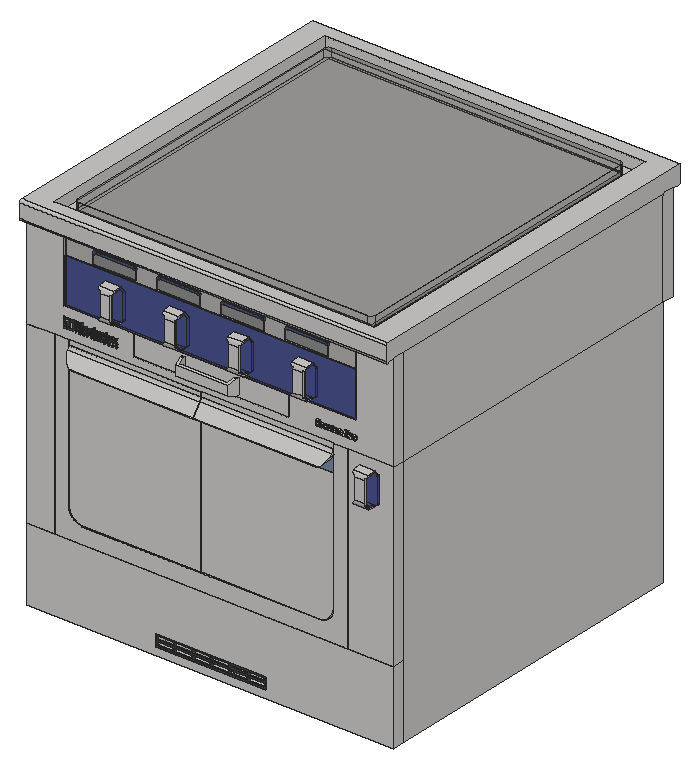
Revit family "QF_ELECTROLUXPROFESSIONAL_588471_MATHFAH4AO", category Attrezzature speciali, Revit 2020
Family settings
  Quota connettore circolare = Usa diametro
  Tipo di parte = Normale
  Basato su piano di lavoro = No
  Sempre verticale = Sì
  Taglio con vuoti quando caricato = No
  Condiviso = No
  Punto di calcolo locali = No
Parameters (values of type "Standard")
  Weight = 143.00 kg
  Watts = 14300 W
  Volts = 400 V
  URL Manufacturer = "https://www.electroluxprofessional.com/"
  URL = "https://www.electroluxprofessional.com/"
  Steam Supply Size = 0"
  Steam Supply Minimum Pressure = 0.00 psi
  Steam Supply Maximum Pressure = 0.00 psi
  Steam Consumption per Hour = 0
  Refrigeration Suction Line Size = 0 mm
  Refrigeration Liquid Line Size = 0 mm
  Refrigerant Compressor Remote = yes
  Prospetto di default = 0 mm
  Phase = 3
  Modello = "MATHFAH4AO"
  Produttore = "Electrolux Professional"
  Length Actual = 800 mm  # constant formula
  Item Number = "588471"
  Hot Water Size = 0"
  Height Actual = 800 mm  # constant formula
  HP = "19.2 HP"
  Gas Size = 0"
  Gas KW = 0
  Gas Input Pressure = 0.0 Btu/h
  Direct Waste Size = 0"
  Descrizione = "EL.FREE COOK.WARM.CAB.1S,800X800X800H"
  Depth Actual = 800 mm  # constant formula
  Cycle = 50 Hz
  Condensate Return Size = 0"
  Compressed Air Volume = 0 GPM
  Compressed Air Size = 0"
  Compressed Air Pressure = 0.00 psi
  Cold Water Size = 0"
  Accessory = yes
Reference planes
  plane 1 "BACK": y = 0
  plane 2: z = 0
  plane 3 "LEFT": x = 0
  plane 4 "RIGHT": x = 800
  plane 5 "FRONT": y = -800
  plane 6 "TOP": z = 900
  plane 7 "Center (Left/Right)": x = 400
  plane 8: y = -400
  plane 9: z = 100
  plane 10: y = -150
  plane 11 "Panel": y = -755
  plane 12: z = 798
  plane 13: z = 1327
  plane 14: x = 78
  plane 15: x = 722
  plane 16: y = -150
  plane 17: y = -650
  plane 18 "EIx": x = 755
  plane 19 "EIy": y = -585
  plane 20: x = 380
  plane 21 "BASE_TOP": z = 650
  plane 22: x = 60
  plane 23: x = 700
  plane 24: z = 260
Forms (mm)
  Extrusion 1, solid, material "QF_Finishes_Stainless Steel"
    sketch origin (-178.969, -4571, 100) x (-1, 0, 0) y (0, -1, 0)
      loop
        line (-178.969, -4526) -> (-178.969, -3816) -> (-978.969, -3816) -> (-978.969, -4526) -> (-178.969, -4526)
    from 550 to 762.969
  Extrusion 2, solid, material "QF_Finishes_Stainless Steel"
    sketch origin (0, 0, 0) x (0, 1, 0) y (0, 0, 1)
      loop
        line (-755, 100) -> (-755, 260) -> (-780, 260) -> (-780, 100) -> (-755, 100)
    from 0 to 800
  Extrusion 3, solid, material "QF_Finishes_Stainless Steel"
    sketch origin (-588.969, -4562, 100) x (-1, 0, 0) y (0, -1, 0)
      loop
        circle (-1343.969, -3977) r 6.35
    from 0 to -11.851
  Extrusion 4, solid, material "QF_Finishes_Stainless Steel"
    sketch origin (400, 296.4, 1219.2) x (0, 1, 0) y (0, 0, 1)
      loop
        line (-296.4, -319.2) -> (-1091.4, -319.2)
        arc (-1091.4, -319.2) -> (-1094.935, -320.664) -> (-1096.4, -324.2) r 5
        line (-1096.4, -324.2) -> (-1096.4, -355.2)
        arc (-1096.4, -355.2) -> (-1094.971, -358.264) -> (-1091.705, -359.139) r 4
        line (-1091.705, -359.139) -> (-1076.4, -356.231) -> (-316.4, -356.231) -> (-301.094, -359.139)
        arc (-301.094, -359.139) -> (-297.829, -358.264) -> (-296.4, -355.2) r 4
        line (-296.4, -355.2) -> (-296.4, -319.2)
    from -400 to 400
  Extrusion 5, solid, material "QF_Finishes_Electrolux_Black Smoke Iluminated"
    sketch origin (0, 0, 900) x (-1, 0, 0) y (0, -1, 0)
      loop
        arc (-85, 55) -> (-77.929, 57.929) -> (-75, 65) r 10
        line (-75, 65) -> (-75, 735)
        arc (-75, 735) -> (-77.929, 742.071) -> (-85, 745) r 10
        line (-85, 745) -> (-715, 745)
        arc (-715, 745) -> (-722.071, 742.071) -> (-725, 735) r 10
        line (-725, 735) -> (-725, 65)
        arc (-725, 65) -> (-722.071, 57.929) -> (-715, 55) r 10
        line (-715, 55) -> (-85, 55)
    from 0 to -20
  Extrusion 6, solid, material "QF_Finishes_Stainless Steel"
    sketch origin (-178.969, -4571, 100) x (-1, 0, 0) y (0, -1, 0)
      loop
        line (-178.969, -4526) -> (-178.969, -3816) -> (-978.969, -3816) -> (-978.969, -4526) -> (-178.969, -4526)
    from 550 to 0
  Extrusion 7, void
    sketch origin (0, -755, 0) x (-1, 0, 0) y (0, 0, 1)
      loop
        line (-520, 116.594) -> (-280, 116.594) -> (-280, 141.594) -> (-520, 141.594) -> (-520, 116.594)
    from 0 to -25
  Extrusion 8, solid, material "QF_Finishes_Black"
    sketch origin (0, -755, 0) x (-1, 0, 0) y (0, 0, 1)
      loop
        line (-280, 141.594) -> (-520, 141.594) -> (-520, 116.594) -> (-280, 116.594) -> (-280, 141.594)
      loop
        line (-282, 139.594) -> (-319.131, 139.594) -> (-319.131, 130.094) -> (-282, 130.094) -> (-282, 139.594)
      loop
        line (-282, 118.594) -> (-282, 128.094) -> (-319.131, 128.094) -> (-319.131, 118.594) -> (-282, 118.594)
      loop
        line (-321.131, 139.594) -> (-359.066, 139.594) -> (-359.066, 130.094) -> (-321.131, 130.094) -> (-321.131, 139.594)
      loop
        line (-399, 139.594) -> (-399, 130.094) -> (-361.066, 130.094) -> (-361.066, 139.594) -> (-399, 139.594)
      loop
        line (-401, 139.594) -> (-438.934, 139.594) -> (-438.934, 130.094) -> (-401, 130.094) -> (-401, 139.594)
      loop
        line (-359.066, 118.594) -> (-321.131, 118.594) -> (-321.131, 128.094) -> (-359.066, 128.094) -> (-359.066, 118.594)
      loop
        line (-361.066, 118.594) -> (-361.066, 128.094) -> (-399, 128.094) -> (-399, 118.594) -> (-361.066, 118.594)
      loop
        line (-401, 128.094) -> (-438.934, 128.094) -> (-438.934, 118.594) -> (-401, 118.594) -> (-401, 128.094)
      loop
        line (-518, 139.594) -> (-518, 130.094) -> (-480.869, 130.094) -> (-480.869, 139.594) -> (-518, 139.594)
      loop
        line (-518, 118.594) -> (-480.869, 118.594) -> (-480.869, 128.094) -> (-518, 128.094) -> (-518, 118.594)
      loop
        line (-478.869, 139.594) -> (-478.869, 130.094) -> (-440.934, 130.094) -> (-440.934, 139.594) -> (-478.869, 139.594)
      loop
        line (-440.934, 118.594) -> (-440.934, 128.094) -> (-478.869, 128.094) -> (-478.869, 118.594) -> (-440.934, 118.594)
    from -25.03 to -20
  Extrusion 9, void
    sketch origin (0, 0, 900) x (-1, 0, 0) y (0, -1, 0)
      loop
        line (-50, 770) -> (-750, 770) -> (-750, 30) -> (-50, 30) -> (-50, 770)
    from 0 to -25
  Extrusion 10, solid, material "QF_Finishes_Stainless Steel"
    sketch origin (0, 0, 900) x (-1, 0, 0) y (0, -1, 0)
      loop
        line (-82, 61) -> (-82, 738) -> (-718, 738) -> (-718, 61) -> (-82, 61)
    from -20 to -25
  Extrusion 11, solid, material "QF_Finishes_Stainless Steel"
    sketch origin (0, -755, 0) x (-1, 0, 0) y (0, 0, 1)
      loop
        line (0, 260) -> (0, 650) -> (-60, 650) -> (-60, 260) -> (0, 260)
    from 0 to -25.03
  Extrusion 12, solid, material "QF_Finishes_Stainless Steel"
    sketch origin (0, -755, 0) x (-1, 0, 0) y (0, 0, 1)
      loop
        line (-700, 260) -> (-700, 650) -> (-800, 650) -> (-800, 260) -> (-700, 260)
    from 0 to -25.03
  Extrusion 13, solid, material "QF_Finishes_Stainless Steel"
    sketch origin (70, -755, 0) x (-1, 0, 0) y (0, 0, 1)
      loop
        line (10, 260) -> (10, 650) -> (-20, 650) -> (-20, 325)
        arc (-20, 325) -> (-28.787, 303.787) -> (-50, 295) r 30
        line (-50, 295) -> (-570, 295)
        arc (-570, 295) -> (-591.213, 303.787) -> (-600, 325) r 30
        line (-600, 325) -> (-600, 650) -> (-630, 650) -> (-630, 260) -> (10, 260)
    from 0 to -25.03
  Extrusion 14, solid, material "QF_Finishes_Stainless Steel"
    sketch origin (0, 0, 0) x (1, 0, 0) y (0, 0, 1)
      loop
        line (0, 650) -> (800, 650) -> (800, 862.969) -> (0, 862.969) -> (0, 650)
    from 45 to 20
Cuts and joins
  Extrusion 7 cuts Extrusion 6
  Extrusion 7 cuts Extrusion 2
  Extrusion 9 cuts Extrusion 4
Lines and regions (mm)
  symbolic lines
    curve 1: line (0, 0, 100) -> (800, 0, 100)
    curve 2: line (0, -800, 100) -> (0, 0, 100)
    curve 3: line (800, -800, 100) -> (0, -800, 100)
    curve 4: line (800, 0, 100) -> (800, -800, 100)
    curve 5: line (715, -55, 100) -> (88, -55, 100)
    curve 6: line (85, -745, 100) -> (715, -745, 100)
    curve 7: line (725, -735, 100) -> (725, -65, 100)
    curve 8: arc (725, -65, 100) -> (722.071, -57.929, 100) -> (715, -55, 100) r 10
    curve 9: arc (715, -745, 100) -> (722.071, -742.071, 100) -> (725, -735, 100) r 10
    curve 10: line (750, -30, 900) -> (50, -30, 900)
    curve 11: line (50, -30, 900) -> (50, -770, 900)
    curve 12: line (750, -770, 900) -> (750, -30, 900)
    curve 13: line (50, -770, 900) -> (750, -770, 900)
    curve 15: arc (85, -55, 900) -> (77.929, -57.929, 900) -> (75, -65, 900) r 10
    curve 16: arc (75, -735, 900) -> (77.929, -742.071, 900) -> (85, -745, 900) r 10
  model lines, style "SpecialityEquipment"
    curve 14: line (75, -65, 900) -> (75, -735, 900)
Dimensions and locks
  plane 3 "LEFT" to plane 4 "RIGHT" = 800 mm
  plane 5 "FRONT" to plane 1 "BACK" = 800 mm
  equal spacing: plane 3 "LEFT", plane 7 "Center (Left/Right)", plane 4 "RIGHT"
  equal spacing: plane 5 "FRONT", plane 8, plane 1 "BACK"
  plane 9 to level = 100 mm
  plane 1 "BACK" to plane 10 to plane 11 "Panel" = 150 mm, 605 mm  (x2)
  plane 6 "TOP" to plane 9 to level = 800 mm, 100 mm
  plane 6 "TOP" to level = 900 mm
  plane 1 "BACK" to plane 5 "FRONT" = 800 mm
  plane 1 "BACK" to Extrusion 3 = 585 mm
  plane 12 to plane 9 = 698 mm
  plane 13 to plane 6 "TOP" = 427 mm
  plane 6 "TOP" to plane 12 = 102 mm
  plane 14 to plane 3 "LEFT" = 78 mm
  plane 15 to plane 4 "RIGHT" = 78 mm
  locked: plane 1 "BACK" to plane 16 at 150
  locked: plane 16 to plane 17 at 500
  plane 11 "Panel" to plane 5 "FRONT" = 45 mm
  plane 18 "EIx" to plane 4 "RIGHT" = 45 mm
  plane 19 "EIy" to plane 1 "BACK" = 585 mm
  plane 7 "Center (Left/Right)" to plane 20 = 20 mm
  locked: plane 22 to plane 3 "LEFT" at 60
  plane 23 to plane 4 "RIGHT" = 100 mm
  plane 6 "TOP" to plane 21 "BASE_TOP" to plane 9 to level = 250 mm, 550 mm, 100 mm
  aligned and locked: level to plane 2
  aligned and locked: Extrusion 2 to plane 4 "RIGHT"
  aligned and locked: Extrusion 12 to plane 4 "RIGHT"
  aligned and locked: Extrusion 12 to plane 23
  aligned and locked: plane 21 "BASE_TOP" to Extrusion 12
  aligned and locked: Extrusion 12 to plane 24
  aligned and locked: Extrusion 11 to plane 3 "LEFT"
  aligned and locked: plane 22 to Extrusion 11
  aligned and locked: Extrusion 11 to plane 24
  aligned and locked: Extrusion 13 sketch curve to plane 22
  aligned and locked: Extrusion 13 sketch curve to plane 23
  aligned and locked: Extrusion 13 sketch curve to plane 21 "BASE_TOP"
  aligned and locked: Extrusion 14 to plane 3 "LEFT"
  aligned and locked: Extrusion 14 to plane 21 "BASE_TOP"
  aligned and locked: Extrusion 14 to cut or joined group of Extrusion 4, Extrusion 9
  aligned and locked: plane 24 to cut or joined group of Extrusion 2, Extrusion 7
Automatic sketch dimensions
  Extrusion 1 sketch curve to plane 4 "RIGHT" = 0 mm
  Extrusion 1 sketch curve to plane 3 "LEFT" = 0 mm
  plane 11 "Panel" to Extrusion 1 sketch curve = 0 mm
  plane 1 "BACK" to Extrusion 1 sketch curve = 45 mm
  Extrusion 2 sketch curve to plane 9 = 0 mm
  Extrusion 2 sketch curve to plane 11 "Panel" = 0 mm
  plane 24 to Extrusion 2 sketch curve = 0 mm
  Extrusion 2 sketch curve to plane 5 "FRONT" = 20 mm
  Extrusion 3 sketch curve to plane 18 "EIx" = 0 mm
  Extrusion 3 sketch curve to plane 19 "EIy" = 0 mm
  Extrusion 4 sketch curve to plane 5 "FRONT" = 0 mm
  Extrusion 4 sketch curve to plane 6 "TOP" = 0 mm
  Extrusion 4 sketch curve to plane 1 "BACK" = 0 mm
  Extrusion 4 sketch curve to plane 5 "FRONT" = 4 mm
  Extrusion 4 sketch curve to Extrusion 4 sketch curve = 0.695 mm
  Extrusion 4 sketch curve to plane 5 "FRONT" = 5 mm
  Extrusion 4 sketch curve to Extrusion 4 sketch curve = 15.305 mm
  plane 1 "BACK" to Extrusion 4 sketch curve = 20 mm
  plane 1 "BACK" to Extrusion 4 sketch curve = 4.695 mm
  Extrusion 4 sketch curve to Extrusion 4 sketch curve = 4 mm
  Extrusion 4 sketch curve to Extrusion 4 sketch curve = 31 mm
  Extrusion 4 sketch curve to plane 6 "TOP" = 36 mm
  Extrusion 4 sketch curve to Extrusion 4 sketch curve = 2.909 mm
  Extrusion 5 sketch curve to plane 15 = 3 mm
  plane 14 to Extrusion 5 sketch curve = 3 mm
  plane 15 to Extrusion 5 sketch curve = 7 mm  (x2)
  Extrusion 5 sketch curve to Extrusion 5 sketch curve = 10 mm  (x2)
  plane 10 to Extrusion 5 sketch curve = 95 mm
  plane 17 to Extrusion 5 sketch curve = 85 mm
  Extrusion 6 sketch curve to plane 4 "RIGHT" = 0 mm
  Extrusion 6 sketch curve to plane 3 "LEFT" = 0 mm
  plane 11 "Panel" to Extrusion 6 sketch curve = 0 mm
  plane 1 "BACK" to Extrusion 6 sketch curve = 45 mm
  plane 9 to Extrusion 7 sketch curve = 41.594 mm
  plane 7 "Center (Left/Right)" to Extrusion 7 sketch curve = 120 mm
  Extrusion 7 sketch curve to plane 20 = 100 mm
  plane 9 to Extrusion 7 sketch curve = 16.594 mm
  plane 9 to Extrusion 8 sketch curve = 41.594 mm
  plane 7 "Center (Left/Right)" to Extrusion 8 sketch curve = 120 mm
  Extrusion 8 sketch curve to Extrusion 8 sketch curve = 2 mm  (x16)
  Extrusion 8 sketch curve to Extrusion 8 sketch curve = 0 mm  (x15)
  Extrusion 8 sketch curve to Extrusion 8 sketch curve = 37.131 mm  (x2)
  Extrusion 8 sketch curve to Extrusion 8 sketch curve = 37.934 mm  (x2)
  plane 7 "Center (Left/Right)" to Extrusion 8 sketch curve = 1 mm  (x2)
  Extrusion 8 sketch curve to plane 7 "Center (Left/Right)" = 1 mm  (x2)
  Extrusion 8 sketch curve to plane 20 = 18.934 mm
  plane 9 to Extrusion 8 sketch curve = 18.594 mm  (x4)
  Extrusion 8 sketch curve to Extrusion 8 sketch curve = 9.5 mm  (x6)
  plane 18 "EIx" to Extrusion 9 sketch curve = 5 mm
  Extrusion 9 sketch curve to plane 22 = 10 mm
  plane 10 to Extrusion 9 sketch curve = 120 mm
  Extrusion 9 sketch curve to plane 11 "Panel" = 15 mm
  plane 15 to Extrusion 10 sketch curve = 4 mm
  Extrusion 10 sketch curve to plane 14 = 4 mm
  plane 10 to Extrusion 10 sketch curve = 89 mm
  plane 17 to Extrusion 10 sketch curve = 88 mm
  Extrusion 11 sketch curve to plane 22 = 0 mm
  Extrusion 11 sketch curve to plane 3 "LEFT" = 0 mm
  Extrusion 11 sketch curve to plane 24 = 0 mm
  Extrusion 11 sketch curve to plane 21 "BASE_TOP" = 0 mm
  plane 4 "RIGHT" to Extrusion 12 sketch curve = 0 mm
  Extrusion 12 sketch curve to plane 21 "BASE_TOP" = 0 mm
  Extrusion 12 sketch curve to plane 23 = 0 mm
  Extrusion 12 sketch curve to plane 24 = 0 mm
  Extrusion 13 sketch curve to plane 21 "BASE_TOP" = 0 mm
  Extrusion 13 sketch curve to plane 24 = 0 mm
  Extrusion 13 sketch curve to plane 23 = 30 mm
  Extrusion 13 sketch curve to Extrusion 13 sketch curve = 30 mm
  Extrusion 13 sketch curve to plane 14 = 42 mm
  Extrusion 13 sketch curve to plane 14 = 12 mm
  plane 24 to Extrusion 13 sketch curve = 35 mm
  plane 21 "BASE_TOP" to Extrusion 14 sketch curve = 212.969 mm
  Extrusion 14 sketch curve to plane 23 = 700 mm
  plane 4 "RIGHT" to Extrusion 14 sketch curve = 0 mm
  plane 24 to Extrusion 14 sketch curve = 390 mm
  plane 1 "BACK" to curve 1 = 0 mm
  curve 1 to plane 4 "RIGHT" = 0 mm
  curve 2 to plane 3 "LEFT" = 0 mm
  plane 5 "FRONT" to curve 2 = 0 mm
  curve 7 to plane 15 = 3 mm
  plane 15 to curve 8 = 7 mm
  plane 15 to curve 6 = 7 mm
  plane 1 "BACK" to curve 5 = 55 mm
  plane 11 "Panel" to curve 9 = 20 mm
  curve 5 to plane 14 = 10 mm
  curve 6 to plane 14 = 7 mm
  plane 18 "EIx" to curve 13 = 5 mm
  curve 15 to plane 14 = 7 mm
  curve 16 to plane 14 = 7 mm
  plane 14 to curve 14 = 3 mm
  curve 11 to plane 22 = 10 mm
  plane 1 "BACK" to curve 14 = 65 mm
  plane 1 "BACK" to curve 10 = 30 mm
  plane 11 "Panel" to curve 14 = 20 mm
  curve 12 to plane 11 "Panel" = 15 mm
  radius of Extrusion 3 sketch curve = 6.35 mm
Nested families
  nested 1: "FIT Range Control Handle" at (745, -783.167, -372.751), type "FIT Range Control Handle"
  nested 2: "Front_Panel_W800_Four Knobs" at (202.376, -755, 0), type "Front_Panel_W800_Four Knobs"
  nested 3: "H450H2_2DOOR" at (343.958, -755, 200) x (1, 0, 0) z (0, -1, 0), type "H450H2_2DOOR"
    with Width 580 mm, Wdoor 290 mm, Show Clearance yes
  nested 4: "Warm" at (800, -800, 900), type "Warm"
Connectors
  electrical at (755, -585, 88.149)
    settings: on Extrusion 3, index 1, voltage 400 V, apparent load 33000 VA, apparent load phase1 0 VA, apparent load phase2 0 VA, apparent load phase3 0 VA, power factor 1, load classification "Other", number of poles 1, system type 30, power factor state 1, is connector primary yes, connector utility no, sub classification motor no, connector description "ELECTRICAL CONNECTION"
Definition of nested family "FIT Range Control Handle"
  Parameters
    Default Elevation = 0 mm
  Reference planes
    plane 1 "Center (Front/Back)": y = 0
    plane 2: z = 0
    plane 3 "Center (Left/Right)": x = 0
    plane 4: z = 971.092
    plane 5: y = -16.8
  Forms (mm)
    Extrusion 1, solid
      sketch origin (-746.28, 380.497, 208.931) x (-1, 0, 0) y (0, 0, 1)
        loop
          line (-770.101, 786.798) -> (-770.101, 731.649)
          arc (-770.101, 731.649) -> (-769.759, 730.563) -> (-768.855, 729.87) r 1.893
          line (-768.855, 729.87) -> (-763.474, 727.911) -> (-729.81, 727.911) -> (-724.428, 729.87)
          arc (-724.428, 729.87) -> (-723.525, 730.563) -> (-723.183, 731.649) r 1.893
          line (-723.183, 731.649) -> (-723.183, 786.798)
          arc (-723.183, 786.798) -> (-723.529, 787.894) -> (-724.44, 788.593) r 1.91
          line (-724.44, 788.593) -> (-729.683, 790.819) -> (-763.601, 790.819) -> (-768.844, 788.593)
          arc (-768.844, 788.593) -> (-769.755, 787.894) -> (-770.101, 786.798) r 1.91
      from -382.35 to -378.852
    Sweep 2, solid
      path origin (-746.788, 380.496, 208.091) x (0, -1, 0) y (0, 0, 1)
        loop
          line (379.775, 793.281) -> (395.661, 791.048)
          arc (395.661, 791.048) -> (397.781, 787.377) -> (398.517, 783.202) r 12.207
          line (398.517, 783.202) -> (398.517, 737.368)
          arc (398.517, 737.368) -> (397.781, 733.193) -> (395.661, 729.522) r 12.207
          line (395.661, 729.522) -> (379.775, 727.289)
      profile origin (-746.788, -7.222, 1000.256) x (0, -0.139173, 0.990268) y (-1, 0, 0)
        loop
          line (0.782, -763.123) -> (0.782, -730.907) -> (-1.322, -730.907) -> (-1.322, -763.123) -> (0.782, -763.123)
    Sweep 3, solid
      path origin (-746.788, 380.715, 207.832) x (0, -1, 0) y (0, 0, 1)
        loop
          line (380.478, 795.442) -> (397.218, 793.09)
          arc (397.218, 793.09) -> (399.929, 788.473) -> (400.871, 783.202) r 15.207
          line (400.871, 783.202) -> (400.871, 737.584)
          arc (400.871, 737.584) -> (399.914, 732.274) -> (397.164, 727.633) r 15.207
          line (397.164, 727.633) -> (380.601, 725.305)
      profile origin (-746.788, -8.132, 1002.099) x (0, -0.139173, 0.990268) y (-1, 0, 0)
        loop
          line (0.782, -763.123) -> (0.782, -730.907) -> (-1.322, -730.907) -> (-1.322, -763.123) -> (0.782, -763.123)
    Extrusion 4, void
      sketch origin (889.253, 220.666, 207.993) x (1, 0, 0) y (0, 0, 1)
        loop
          line (-943.038, 816.854) -> (-943.038, 703.686) -> (-899.466, 734.196) -> (-899.466, 786.344) -> (-943.038, 816.854)
      from 230.636 to 242.25
    Extrusion 5, void
      sketch origin (-888.8, 220.666, 207.993) x (-1, 0, 0) y (0, 0, -1)
        loop
          line (-943.038, -816.854) -> (-899.466, -786.344) -> (-899.466, -734.196) -> (-943.038, -703.686) -> (-943.038, -816.854)
      from 230.636 to 242.25
    Extrusion 6, solid
      sketch origin (0, 0, 0) x (1, 0, 0) y (0, 0, 1)
        loop
          circle (0, 971.092) r 7.736
      from -3.137 to -1.645
  Cuts and joins
    Extrusion 4, Extrusion 5 cuts Sweep 3
    Extrusion 4, Extrusion 5 cuts Sweep 2
    joined: Extrusion 1, Extrusion 6
  Lines and regions (mm)
    symbolic lines
      curve 1: line (-15.881, -19.189, 0) -> (-15.881, -16.8, 0)
      curve 2: line (16.334, -19.189, 0) -> (16.334, -16.8, 0)
      curve 3: spline (-15.881, -19.189, 0) -> (-15.417, -19.349, 0) -> (-14.951, -19.501, 0) -> (-14.483, -19.646, 0) -> (-14.014, -19.783, 0) -> (-13.543, -19.912, 0) -> (-13.071, -20.033, 0) -> (-12.597, -20.146, 0) -> (-12.122, -20.251, 0) -> (-11.646, -20.349, 0) -> (-11.169, -20.438, 0) -> (-10.691, -20.52, 0) -> (-10.213, -20.593, 0)
      curve 4: spline (10.666, -20.593, 0) -> (11.144, -20.52, 0) -> (11.622, -20.438, 0) -> (12.099, -20.349, 0) -> (12.575, -20.251, 0) -> (13.05, -20.146, 0) -> (13.524, -20.033, 0) -> (13.996, -19.912, 0) -> (14.467, -19.783, 0) -> (14.936, -19.646, 0) -> (15.404, -19.501, 0) -> (15.87, -19.349, 0) -> (16.334, -19.189, 0)
      curve 5: line (-10.213, -20.938, 0) -> (10.716, -20.938, 0)
  Dimensions and locks
    cut or joined group of Sweep 3, Extrusion 4, Extrusion 5 to cut or joined group of Sweep 3, Extrusion 4, Extrusion 5 = 71.686 mm
Definition of nested family "Front_Panel_W800_Four Knobs"
  Parameters
    Default Elevation = 0 mm
  Reference planes
    plane 1 "Center (Front/Back)": y = 0
    plane 2: z = 0
    plane 3 "Center (Left/Right)": x = 197.624
    plane 4 "Left": x = -202.376
    plane 5 "Right": x = 597.624
    plane 6: y = -45
    plane 7: x = -12.376
    plane 8: x = 127.624
    plane 9: y = -310
    plane 10: y = -25
    plane 11: x = 517.624
    plane 12: x = -122.376
  Forms (mm)
    Extrusion 1, solid
      sketch origin (833.217, 829.203, -1.25) x (0, 1, 0) y (0, 0, 1)
        loop
          line (-854.203, 651.25) -> (-829.203, 651.25) -> (-829.203, 864.25) -> (-854.203, 864.25) -> (-854.203, 651.25)
      from -1035.593 to -235.593
    Extrusion 2, void
      sketch origin (0, 0, 0) x (1, 0, 0) y (0, 0, 1)
        loop
          line (-122.376, 853.866) -> (-122.376, 711.866) -> (517.624, 711.866) -> (517.624, 853.866) -> (-122.376, 853.866)
      from 19.387 to 33.951
    Extrusion 3, void
      sketch origin (0, 0, 0) x (1, 0, 0) y (0, 0, 1)
        loop
          line (30.124, 711.866) -> (30.124, 666.866) -> (370.124, 666.866) -> (370.124, 711.866) -> (30.124, 711.866)
      from 19.387 to 25
    Extrusion 4, solid
      sketch origin (0, 0, 0) x (1, 0, 0) y (0, 0, 1)
        loop
          line (31.124, 710.866) -> (31.124, 667.866) -> (369.124, 667.866) -> (369.124, 710.866) -> (31.124, 710.866)
      from 19.387 to 25
    Extrusion 5, solid
      sketch origin (0, 0, 0) x (1, 0, 0) y (0, 1, 0)
        loop
          line (141.059, -25) -> (135.966, -25) -> (140.646, -49.075) -> (254.603, -49.075) -> (259.283, -25) -> (254.189, -25) -> (250.481, -44.075) -> (144.767, -44.075) -> (141.059, -25)
      from 672.593 to 705.67
    Extrusion 6, void
      sketch origin (197.624, 0, 0) x (0, 1, 0) y (0, 0, 1)
        loop
          line (-30, 705.67) -> (-30, 710.67) -> (-56.744, 710.67) -> (-56.744, 667.593) -> (-30, 667.593) -> (-30, 672.593) -> (-53.776, 680.318) -> (-53.776, 697.945) -> (-30, 705.67)
      from -70 to 70
    Extrusion 7, solid, detail levels coarse
      sketch origin (0, -265, 0) x (1, 0, 0) y (0, 1, 0)
        loop
          line (140.646, -69.075) -> (254.603, -69.075) -> (259.283, -45) -> (364.124, -45) -> (364.124, 240) -> (31.124, 240) -> (31.124, -45) -> (135.966, -45) -> (140.646, -69.075)
      from 672.593 to 705.67
    Extrusion 8, void
      sketch origin (197.624, -280, 0) x (0, 1, 0) y (0, 0, 1)
        loop
          line (-30, 705.67) -> (-30, 710.67) -> (-56.744, 710.67) -> (-56.744, 667.593) -> (-30, 667.593) -> (-30, 672.593) -> (-53.776, 680.318) -> (-53.776, 697.945) -> (-30, 705.67)
      from -70 to 70
  Cuts and joins
    Extrusion 2, Extrusion 3 cuts Extrusion 1
    Extrusion 6, Extrusion 8 cuts Extrusion 5
    Extrusion 8 cuts Extrusion 7
  Lines and regions (mm)
    symbolic lines
      curve 1: line (31.124, -45, 0) -> (31.124, -310, 0)
      curve 2: line (31.124, -310, 0) -> (364.124, -310, 0)
      curve 3: line (135.966, -310, 0) -> (140.646, -334.075, 0)
      curve 4: line (140.646, -334.075, 0) -> (254.603, -334.075, 0)
      curve 5: line (254.603, -334.075, 0) -> (259.283, -310, 0)
      curve 6: line (364.124, -310, 0) -> (364.124, -45, 0)
      curve 7: line (31.124, -300, 0) -> (364.124, -300, 0)
      curve 8: line (140.874, -309.046, 0) -> (144.767, -329.075, 0)
      curve 9: line (144.767, -329.075, 0) -> (250.481, -329.075, 0)
      curve 10: line (250.481, -329.075, 0) -> (254.375, -309.046, 0)
  Dimensions and locks
    equal spacing: plane 5 "Right", plane 3 "Center (Left/Right)", plane 4 "Left"
    plane 5 "Right" to plane 4 "Left" = 800 mm
    plane 3 "Center (Left/Right)" to plane 7 = 210 mm
    plane 3 "Center (Left/Right)" to plane 8 = 70 mm
    plane 6 to plane 9 = 265 mm
    aligned and locked: cut or joined group of Extrusion 1, Extrusion 2, Extrusion 3 to plane 4 "Left"
    aligned and locked: plane 5 "Right" to cut or joined group of Extrusion 1, Extrusion 2, Extrusion 3
    aligned and locked: plane 3 "Center (Left/Right)" to nested 2
    aligned and locked: cut or joined group of Extrusion 1, Extrusion 2, Extrusion 3 to nested 2
  Automatic sketch dimensions
    plane 7 to Extrusion 3 sketch curve = 42.5 mm
    plane 3 "Center (Left/Right)" to Extrusion 3 sketch curve = 172.5 mm
    level to Extrusion 3 sketch curve = 666.866 mm
    Extrusion 3 sketch curve to Extrusion 3 sketch curve = 45 mm
    plane 7 to Extrusion 4 sketch curve = 43.5 mm
    plane 3 "Center (Left/Right)" to Extrusion 4 sketch curve = 171.5 mm
    level to Extrusion 4 sketch curve = 667.866 mm
    Extrusion 4 sketch curve to Extrusion 4 sketch curve = 43 mm
    plane 8 to Extrusion 5 sketch curve = 8.342 mm
    plane 6 to Extrusion 5 sketch curve = 4.075 mm
    plane 8 to Extrusion 5 sketch curve = 13.021 mm
    Extrusion 5 sketch curve to Extrusion 5 sketch curve = 5.094 mm  (x2)
    Extrusion 5 sketch curve to plane 6 = 0.925 mm
    Extrusion 5 sketch curve to Extrusion 5 sketch curve = 4.122 mm  (x2)
    plane 3 "Center (Left/Right)" to Extrusion 5 sketch curve = 52.857 mm
    Extrusion 5 sketch curve to plane 6 = 20 mm  (x2)
    Extrusion 5 sketch curve to Extrusion 5 sketch curve = 3.708 mm
    plane 6 to Extrusion 6 sketch curve = 11.744 mm
    plane 6 to Extrusion 6 sketch curve = 8.776 mm
    Extrusion 6 sketch curve to plane 6 = 15 mm  (x2)
    level to Extrusion 6 sketch curve = 667.593 mm
    Extrusion 6 sketch curve to Extrusion 6 sketch curve = 5 mm
    Extrusion 6 sketch curve to Extrusion 6 sketch curve = 12.725 mm  (x2)
    Extrusion 6 sketch curve to Extrusion 6 sketch curve = 17.627 mm
    Extrusion 6 sketch curve to Extrusion 6 sketch curve = 7.725 mm
    Extrusion 8 sketch curve to plane 9 = 26.744 mm
    Extrusion 8 sketch curve to plane 9 = 23.776 mm
    plane 9 to Extrusion 8 sketch curve = 0 mm  (x2)
    level to Extrusion 8 sketch curve = 667.593 mm
    Extrusion 8 sketch curve to Extrusion 8 sketch curve = 5 mm
    Extrusion 8 sketch curve to Extrusion 8 sketch curve = 12.725 mm  (x2)
    Extrusion 8 sketch curve to Extrusion 8 sketch curve = 17.627 mm
    Extrusion 8 sketch curve to Extrusion 8 sketch curve = 7.725 mm
    plane 9 to Extrusion 7 sketch curve = 0 mm  (x2)
    plane 7 to Extrusion 7 sketch curve = 43.5 mm
    plane 8 to Extrusion 7 sketch curve = 8.342 mm
    Extrusion 7 sketch curve to plane 9 = 24.075 mm
    plane 8 to Extrusion 7 sketch curve = 13.021 mm
    Extrusion 7 sketch curve to Extrusion 7 sketch curve = 104.842 mm
    Extrusion 7 sketch curve to plane 6 = 20 mm
    plane 3 "Center (Left/Right)" to Extrusion 7 sketch curve = 56.979 mm
    Extrusion 7 sketch curve to Extrusion 7 sketch curve = 4.68 mm
    Extrusion 1 sketch curve to plane 1 "Center (Front/Back)" = 0 mm
    level to Extrusion 1 sketch curve = 650 mm
    plane 4 "Left" to Extrusion 2 sketch curve = 80 mm
    Extrusion 2 sketch curve to plane 5 "Right" = 80 mm
    level to Extrusion 2 sketch curve = 711.866 mm
    Extrusion 2 sketch curve to Extrusion 2 sketch curve = 142 mm
    plane 6 to curve 1 = 0 mm
    plane 6 to curve 6 = 0 mm
    plane 9 to curve 1 = 0 mm
    plane 7 to curve 1 = 43.5 mm
    curve 4 to plane 9 = 24.075 mm
    plane 8 to curve 4 = 13.021 mm
    curve 3 to curve 8 = 4.122 mm
    plane 3 "Center (Left/Right)" to curve 4 = 56.979 mm
    curve 4 to curve 2 = 109.521 mm
    plane 8 to curve 3 = 8.342 mm
    curve 3 to curve 8 = 4.908 mm
    curve 9 to curve 4 = 4.122 mm
    curve 10 to plane 9 = 19.075 mm
    curve 9 to curve 5 = 8.801 mm
    plane 9 to curve 10 = 0.954 mm
    curve 10 to curve 5 = 4.908 mm
    curve 3 to curve 8 = 0.954 mm
    curve 1 to curve 7 = 10 mm
    Extrusion 1 sketch curve to plane 6 = 20 mm
    Extrusion 1 sketch curve to Extrusion 1 sketch curve = 213 mm
  Nested families
    nested 1: "Range Control Handle" at (-12.376, -28.137, -209.113) x (-1, 0, 0) z (0, 0, 1), type "Range Control Handle"
    nested 2: "Front glass control panel W800" at (197.624, 280.644, 2.752), type "Front glass control panel W800"
    nested 3: "Range Control Handle" at (127.624, -28.137, -209.113) x (-1, 0, 0) z (0, 0, 1), type "Range Control Handle"
    nested 4: "Range Control Handle" at (407.624, -28.137, -209.113), type "Range Control Handle"
    nested 5: "Range Control Handle" at (267.624, -28.137, -209.113), type "Range Control Handle"
    nested 6: "ELX_ThermaLine_Small" at (468.838, -25, 679.426) x (1, 0, 0) z (0, -1, 0), type "ELX_ThermaLine_Small"
      with Show Logo yes, Material_Logo none
    nested 7: "ELX_Professional_Logo_Small" at (-62.89, -25, 681.659) x (1, 0, 0) z (0, -1, 0), type "ELX_Professional_Logo_Small"
      with Show Logo yes, Material_Logo none
  Definition of nested family "Range Control Handle"
    Parameters
      Default Elevation = 0 mm
    Reference planes
      plane 1 "Center (Front/Back)": y = 0
      plane 2: z = 0
      plane 3 "Center (Left/Right)": x = 0
      plane 4: z = 971.092
      plane 5: y = -16.9
    Forms (mm)
      Extrusion 1, solid
        sketch origin (-746.28, 380.497, 208.931) x (-1, 0, 0) y (0, 0, 1)
          loop
            line (-770.101, 786.798) -> (-770.101, 731.649)
            arc (-770.101, 731.649) -> (-769.759, 730.563) -> (-768.855, 729.87) r 1.893
            line (-768.855, 729.87) -> (-763.474, 727.911) -> (-729.81, 727.911) -> (-724.428, 729.87)
            arc (-724.428, 729.87) -> (-723.525, 730.563) -> (-723.183, 731.649) r 1.893
            line (-723.183, 731.649) -> (-723.183, 786.798)
            arc (-723.183, 786.798) -> (-723.529, 787.894) -> (-724.44, 788.593) r 1.91
            line (-724.44, 788.593) -> (-729.683, 790.819) -> (-763.601, 790.819) -> (-768.844, 788.593)
            arc (-768.844, 788.593) -> (-769.755, 787.894) -> (-770.101, 786.798) r 1.91
        from -382.35 to -378.852
      Sweep 2, solid
        path origin (-746.788, 380.496, 208.091) x (0, -1, 0) y (0, 0, 1)
          loop
            line (379.775, 793.281) -> (395.661, 791.048)
            arc (395.661, 791.048) -> (397.781, 787.377) -> (398.517, 783.202) r 12.207
            line (398.517, 783.202) -> (398.517, 737.368)
            arc (398.517, 737.368) -> (397.781, 733.193) -> (395.661, 729.522) r 12.207
            line (395.661, 729.522) -> (379.775, 727.289)
        profile origin (-746.788, -7.222, 1000.256) x (0, -0.139173, 0.990268) y (-1, 0, 0)
          loop
            line (0.782, -763.123) -> (0.782, -730.907) -> (-1.322, -730.907) -> (-1.322, -763.123) -> (0.782, -763.123)
      Sweep 3, solid
        path origin (-746.788, 380.715, 207.832) x (0, -1, 0) y (0, 0, 1)
          loop
            line (380.478, 795.442) -> (397.218, 793.09)
            arc (397.218, 793.09) -> (399.929, 788.473) -> (400.871, 783.202) r 15.207
            line (400.871, 783.202) -> (400.871, 737.584)
            arc (400.871, 737.584) -> (399.914, 732.274) -> (397.164, 727.633) r 15.207
            line (397.164, 727.633) -> (380.601, 725.305)
        profile origin (-746.788, -8.132, 1002.099) x (0, -0.139173, 0.990268) y (-1, 0, 0)
          loop
            line (0.782, -763.123) -> (0.782, -730.907) -> (-1.322, -730.907) -> (-1.322, -763.123) -> (0.782, -763.123)
      Extrusion 4, void
        sketch origin (889.253, 220.666, 207.993) x (1, 0, 0) y (0, 0, 1)
          loop
            line (-943.038, 816.854) -> (-943.038, 703.686) -> (-899.466, 734.196) -> (-899.466, 786.344) -> (-943.038, 816.854)
        from 230.636 to 242.25
      Extrusion 5, void
        sketch origin (-888.8, 220.666, 207.993) x (-1, 0, 0) y (0, 0, -1)
          loop
            line (-943.038, -816.854) -> (-899.466, -786.344) -> (-899.466, -734.196) -> (-943.038, -703.686) -> (-943.038, -816.854)
        from 230.636 to 242.25
      Extrusion 6, solid
        sketch origin (0, 0, 0) x (1, 0, 0) y (0, 0, 1)
          loop
            circle (0, 971.092) r 7.736
        from -3.137 to -1.645
    Cuts and joins
      Extrusion 4, Extrusion 5 cuts Sweep 3
      Extrusion 4, Extrusion 5 cuts Sweep 2
      joined: Extrusion 1, Extrusion 6
    Lines and regions (mm)
      symbolic lines
        curve 1: line (16.334, -16.9, 0) -> (16.334, -19.227, 0)
        curve 2: spline (16.334, -19.227, 0) -> (15.87, -19.385, 0) -> (15.404, -19.536, 0) -> (14.936, -19.678, 0) -> (14.466, -19.813, 0) -> (13.995, -19.94, 0) -> (13.523, -20.059, 0) -> (13.049, -20.171, 0) -> (12.575, -20.274, 0) -> (12.099, -20.37, 0) -> (11.622, -20.458, 0) -> (11.144, -20.537, 0) -> (10.666, -20.609, 0)
        curve 3: line (10.666, -16.9, 0) -> (10.666, -20.938, 0)
        curve 4: line (-10.213, -20.938, 0) -> (10.666, -20.938, 0)
        curve 5: line (-10.213, -20.938, 0) -> (-10.213, -16.9, 0)
        curve 6: spline (-10.213, -20.609, 0) -> (-10.691, -20.537, 0) -> (-11.169, -20.458, 0) -> (-11.646, -20.37, 0) -> (-12.122, -20.274, 0) -> (-12.597, -20.171, 0) -> (-13.07, -20.059, 0) -> (-13.542, -19.94, 0) -> (-14.013, -19.813, 0) -> (-14.483, -19.678, 0) -> (-14.951, -19.536, 0) -> (-15.417, -19.385, 0) -> (-15.881, -19.227, 0)
        curve 7: line (-15.881, -19.227, 0) -> (-15.881, -16.9, 0)
  Definition of nested family "Front glass control panel W800"
    Parameters
      Default Elevation = 0 mm
    Reference planes
      plane 1 "Center (Front/Back)": y = 0
      plane 2: z = 0
      plane 3 "Center (Left/Right)": x = 0
    Forms (mm)
      Extrusion 1, solid
        sketch origin (378.286, 0, 0.617) x (1, 0, 0) y (0, 0, 1)
          loop
            line (-698.286, 806.791) -> (-698.286, 708.497) -> (-58.286, 708.497) -> (-58.286, 806.791) -> (-698.286, 806.791)
        from 300.031 to 304.8
      Extrusion 2, solid
        sketch origin (378.286, 0, 0.617) x (1, 0, 0) y (0, 0, 1)
          loop
            line (-698.286, 850.497) -> (-698.286, 806.791) -> (-58.286, 806.791) -> (-58.286, 850.497) -> (-698.286, 850.497)
        from 300.031 to 304.8
      Extrusion 3, void
        sketch origin (378.286, 0, 0.617) x (1, 0, 0) y (0, 0, 1)
          loop
            line (-695.628, 847.565) -> (-695.628, 710.699) -> (-61.196, 710.699) -> (-61.196, 847.565) -> (-695.628, 847.565)
        from 303.697 to 304.8
      Extrusion 4, solid
        sketch origin (-378.333, 1.101, -0.633) x (-1, 0, 0) y (0, 0, -1)
          loop
            line (-261.431, -812.62) -> (-355.186, -812.62) -> (-355.186, -834.177) -> (-350.269, -834.177) -> (-348.469, -835.977) -> (-268.039, -835.977) -> (-266.24, -834.177) -> (-261.431, -834.177) -> (-261.431, -812.62)
        from 304.798 to 306.745
      Extrusion 5, solid
        sketch origin (-378.333, 1.101, -0.633) x (-1, 0, 0) y (0, 0, -1)
          loop
            line (-350.269, -834.177) -> (-355.078, -834.177)
            arc (-355.078, -834.177) -> (-353.942, -838.747) -> (-349.686, -840.763) r 5.5
            line (-349.686, -840.763) -> (-266.98, -840.763)
            arc (-266.98, -840.763) -> (-262.706, -838.752) -> (-261.529, -834.177) r 5.549
            line (-261.529, -834.177) -> (-266.24, -834.177) -> (-268.039, -835.977) -> (-348.469, -835.977) -> (-350.269, -834.177)
        from 304.798 to 306.745
      Extrusion 6, solid
        sketch origin (-518.333, 1.101, -0.633) x (-1, 0, 0) y (0, 0, -1)
          loop
            line (-261.431, -812.62) -> (-355.186, -812.62) -> (-355.186, -834.177) -> (-350.269, -834.177) -> (-348.469, -835.977) -> (-268.039, -835.977) -> (-266.24, -834.177) -> (-261.431, -834.177) -> (-261.431, -812.62)
        from 304.798 to 306.745
      Extrusion 7, solid
        sketch origin (-518.333, 1.101, -0.633) x (-1, 0, 0) y (0, 0, -1)
          loop
            line (-350.269, -834.177) -> (-355.078, -834.177)
            arc (-355.078, -834.177) -> (-353.942, -838.747) -> (-349.686, -840.763) r 5.5
            line (-349.686, -840.763) -> (-266.98, -840.763)
            arc (-266.98, -840.763) -> (-262.706, -838.752) -> (-261.529, -834.177) r 5.549
            line (-261.529, -834.177) -> (-266.24, -834.177) -> (-268.039, -835.977) -> (-348.469, -835.977) -> (-350.269, -834.177)
        from 304.798 to 306.745
      Extrusion 8, solid
        sketch origin (378.333, 1.101, -0.633) x (1, 0, 0) y (0, 0, 1)
          loop
            line (-261.431, 812.62) -> (-261.431, 834.177) -> (-266.24, 834.177) -> (-268.039, 835.977) -> (-348.469, 835.977) -> (-350.269, 834.177) -> (-355.186, 834.177) -> (-355.186, 812.62) -> (-261.431, 812.62)
        from 304.798 to 306.745
      Extrusion 9, solid
        sketch origin (378.333, 1.101, -0.633) x (1, 0, 0) y (0, 0, 1)
          loop
            line (-350.269, 834.177) -> (-348.469, 835.977) -> (-268.039, 835.977) -> (-266.24, 834.177) -> (-261.529, 834.177)
            arc (-261.529, 834.177) -> (-262.706, 838.752) -> (-266.98, 840.763) r 5.549
            line (-266.98, 840.763) -> (-349.686, 840.763)
            arc (-349.686, 840.763) -> (-353.942, 838.747) -> (-355.078, 834.177) r 5.5
            line (-355.078, 834.177) -> (-350.269, 834.177)
        from 304.798 to 306.745
      Extrusion 10, solid
        sketch origin (518.333, 1.101, -0.633) x (1, 0, 0) y (0, 0, 1)
          loop
            line (-261.431, 812.62) -> (-261.431, 834.177) -> (-266.24, 834.177) -> (-268.039, 835.977) -> (-348.469, 835.977) -> (-350.269, 834.177) -> (-355.186, 834.177) -> (-355.186, 812.62) -> (-261.431, 812.62)
        from 304.798 to 306.745
      Extrusion 11, solid
        sketch origin (518.333, 1.101, -0.633) x (1, 0, 0) y (0, 0, 1)
          loop
            line (-350.269, 834.177) -> (-348.469, 835.977) -> (-268.039, 835.977) -> (-266.24, 834.177) -> (-261.529, 834.177)
            arc (-261.529, 834.177) -> (-262.706, 838.752) -> (-266.98, 840.763) r 5.549
            line (-266.98, 840.763) -> (-349.686, 840.763)
            arc (-349.686, 840.763) -> (-353.942, 838.747) -> (-355.078, 834.177) r 5.5
            line (-355.078, 834.177) -> (-350.269, 834.177)
        from 304.798 to 306.745
    Cuts and joins
      Extrusion 3 cuts Extrusion 1
      Extrusion 3 cuts Extrusion 2
    Dimensions and locks
      aligned and locked: Extrusion 1 to Extrusion 2
      aligned and locked: Extrusion 5 sketch curve to Extrusion 4  (x5)
      aligned and locked: Extrusion 5 to Extrusion 4
      aligned and locked: Extrusion 7 sketch curve to Extrusion 6  (x5)
      aligned and locked: Extrusion 7 to Extrusion 6
      aligned and locked: Extrusion 9 sketch curve to Extrusion 8  (x4)
      aligned and locked: Extrusion 8 to Extrusion 9 sketch curve
      aligned and locked: Extrusion 9 to Extrusion 8
      aligned and locked: Extrusion 11 sketch curve to Extrusion 10  (x4)
      aligned and locked: Extrusion 10 to Extrusion 11 sketch curve
      aligned and locked: Extrusion 11 to Extrusion 10
  Definition of nested family "ELX_ThermaLine_Small"
    Parameters
      Show Logo [instance] = yes
      Material_Logo [instance] = none
      Default Elevation = 0 mm
    Reference planes
      plane 1 "Centro (Fronte/Retro)": y = 0
      plane 2: z = 0
      plane 3 "Centro (Sinistra/Destra)": x = 0
    Forms (mm)
      Extrusion 1, solid
        sketch origin (0, 0, 0) x (1, 0, 0) y (0, 1, 0)
          loop
            line (-1219.2, 1219.2) -> (-1219.2, -1219.2) -> (1219.2, -1219.2) -> (1219.2, 1219.2) -> (-1219.2, 1219.2)
        from 0 to -304.8
      Extrusion 2, solid
        sketch origin (0, 0, 0) x (1, 0, 0) y (0, 1, 0)
          loop
            line (-37.494, 1.229) -> (-35.908, 1.229) -> (-35.908, 3.066) -> (-37.494, 3.066) -> (-37.494, 6.221) -> (-39.867, 4.881) -> (-39.867, 3.066) -> (-40.969, 3.066) -> (-40.969, 1.229) -> (-39.867, 1.229) -> (-39.867, -3.407)
            arc (-39.867, -3.407) -> (-38.982, -5.513) -> (-36.751, -6.001) r 2.478
            line (-36.751, -6.001) -> (-35.638, -5.7) -> (-35.9, -3.835) -> (-36.661, -4.039)
            arc (-36.661, -4.039) -> (-37.236, -3.924) -> (-37.494, -3.399) r 0.662
            line (-37.494, -3.399) -> (-37.494, 1.229)
          loop
            line (-34.242, 6.539) -> (-34.242, -5.848) -> (-31.854, -5.848) -> (-31.854, -0.078)
            arc (-31.854, -0.078) -> (-30.939, 1.249) -> (-29.33, 1.367) r 1.866
            arc (-29.33, 1.367) -> (-28.695, 0.768) -> (-28.461, -0.073) r 1.627
            line (-28.461, -0.073) -> (-28.461, -5.848) -> (-26.086, -5.848) -> (-26.064, -0.46)
            arc (-26.064, -0.46) -> (-26.261, 0.932) -> (-26.786, 2.237) r 5.825
            arc (-26.786, 2.237) -> (-29.381, 3.264) -> (-31.854, 1.971) r 3.353
            line (-31.854, 1.971) -> (-31.854, 6.539) -> (-34.242, 6.539)
          loop
            arc (-18.398, -0.598) -> (-18.893, 0.879) -> (-20.326, 1.487) r 1.897
            arc (-20.326, 1.487) -> (-21.461, 0.708) -> (-21.897, -0.598) r 2.164
            line (-21.897, -0.598) -> (-18.398, -0.598)
          loop
            arc (-16.021, -2.044) -> (-16.754, 1.227) -> (-19.444, 3.226) r 4.814
            arc (-19.444, 3.226) -> (-22.137, 2.788) -> (-23.943, 0.743) r 4.054
            arc (-23.943, 0.743) -> (-24.382, -1.249) -> (-24.162, -3.276) r 6.289
            arc (-24.162, -3.276) -> (-23.302, -4.71) -> (-21.958, -5.705) r 4.28
            arc (-21.958, -5.705) -> (-18.558, -5.814) -> (-16.152, -3.409) r 4.28
            line (-16.152, -3.409) -> (-18.5, -2.995)
            arc (-18.5, -2.995) -> (-19.273, -3.994) -> (-20.533, -4.076) r 1.536
            arc (-20.533, -4.076) -> (-21.56, -3.281) -> (-21.958, -2.044) r 2.197
            line (-21.958, -2.044) -> (-16.021, -2.044)
          loop
            line (-14.165, -5.848) -> (-11.819, -5.848) -> (-11.819, -2.138)
            arc (-11.819, -2.138) -> (-11.787, -1.156) -> (-11.637, -0.185) r 8.18
            arc (-11.637, -0.185) -> (-10.644, 0.972) -> (-9.132, 0.776) r 1.603
            line (-9.132, 0.776) -> (-8.419, 2.846)
            arc (-8.419, 2.846) -> (-10.432, 3.118) -> (-11.994, 1.821) r 2.527
            line (-11.994, 1.821) -> (-11.994, 3.094) -> (-14.165, 3.094) -> (-14.165, -5.848)
          loop
            line (-7.579, 3.094) -> (-7.579, -5.848) -> (-5.178, -5.848) -> (-5.178, -0.756)
            arc (-5.178, -0.756) -> (-4.727, 0.679) -> (-3.417, 1.419) r 2.05
            arc (-3.417, 1.419) -> (-2.499, 0.908) -> (-2.155, -0.085) r 1.471
            line (-2.155, -0.085) -> (-2.155, -5.848) -> (0.23, -5.848) -> (0.23, -1.001)
            arc (0.23, -1.001) -> (0.47, 0.127) -> (1.148, 1.061) r 2.775
            arc (1.148, 1.061) -> (2.225, 1.329) -> (3.05, 0.587) r 1.182
            arc (3.05, 0.587) -> (3.199, -0.019) -> (3.214, -0.642) r 2.894
            line (3.214, -0.642) -> (3.214, -5.848) -> (5.601, -5.848) -> (5.601, 0.261)
            arc (5.601, 0.261) -> (4.87, 2.263) -> (2.976, 3.241) r 2.932
            arc (2.976, 3.241) -> (1.284, 2.973) -> (-0.047, 1.896) r 3.309
            arc (-0.047, 1.896) -> (-1.116, 2.865) -> (-2.506, 3.258) r 3.16
            arc (-2.506, 3.258) -> (-4.105, 2.942) -> (-5.376, 1.92) r 3.419
            line (-5.376, 1.92) -> (-5.376, 3.094) -> (-7.579, 3.094)
          loop
            line (7.583, 0.738) -> (9.702, 0.364)
            arc (9.702, 0.364) -> (11.441, 1.492) -> (12.855, -0.023) r 1.613
            line (12.855, -0.023) -> (9.782, -0.789)
            arc (9.782, -0.789) -> (8.559, -1.346) -> (7.617, -2.305) r 3.687
            arc (7.617, -2.305) -> (7.499, -3.681) -> (7.901, -5.003) r 3.651
            arc (7.901, -5.003) -> (9.107, -5.766) -> (10.515, -6.006) r 3.635
            arc (10.515, -6.006) -> (11.898, -5.697) -> (13.067, -4.895) r 3.734
            line (13.067, -4.895) -> (13.376, -5.848) -> (15.75, -5.848) -> (15.212, -4.193) -> (15.212, 0.38)
            arc (15.212, 0.38) -> (14.897, 1.849) -> (13.818, 2.895) r 2.585
            arc (13.818, 2.895) -> (11.792, 3.442) -> (9.719, 3.11) r 5.005
            arc (9.719, 3.11) -> (8.369, 2.178) -> (7.583, 0.738) r 3.54
          loop
            line (19.723, -5.848) -> (22.233, -5.848) -> (24.854, 6.484) -> (22.345, 6.484) -> (19.723, -5.848)
          loop
            line (24.583, -5.848) -> (26.953, -5.848) -> (28.848, 3.066) -> (26.478, 3.066) -> (24.583, -5.848)
          loop
            line (27.204, 6.484) -> (26.741, 4.305) -> (29.111, 4.305) -> (29.575, 6.484) -> (27.204, 6.484)
          loop
            line (29.355, -5.848) -> (31.849, -5.848) -> (33.098, 0.028)
            arc (33.098, 0.028) -> (34.169, 1.306) -> (35.832, 1.422) r 2.132
            arc (35.832, 1.422) -> (36.324, 0.752) -> (36.383, -0.078) r 1.5
            line (36.383, -0.078) -> (35.157, -5.848) -> (37.536, -5.848) -> (38.936, 0.738)
            arc (38.936, 0.738) -> (38.775, 2.091) -> (37.825, 3.066) r 2.118
            arc (37.825, 3.066) -> (35.392, 3.175) -> (33.295, 1.937) r 4.271
            line (33.295, 1.937) -> (33.535, 3.066) -> (31.25, 3.066) -> (29.355, -5.848)
          loop
            line (42.792, -0.64) -> (46.589, -0.64)
            arc (46.589, -0.64) -> (46.639, 0.124) -> (46.327, 0.823) r 1.589
            arc (46.327, 0.823) -> (45.117, 1.521) -> (43.762, 1.183) r 1.865
            arc (43.762, 1.183) -> (43.141, 0.344) -> (42.792, -0.64) r 3.538
          loop
            line (42.565, -2.138) -> (48.593, -2.138)
            arc (48.593, -2.138) -> (48.58, 0.597) -> (46.983, 2.818) r 4.494
            arc (46.983, 2.818) -> (44.191, 3.28) -> (41.725, 1.891) r 4.26
            arc (41.725, 1.891) -> (40.503, -0.3) -> (40.284, -2.799) r 6.003
            arc (40.284, -2.799) -> (40.959, -4.468) -> (42.377, -5.576) r 3.482
            arc (42.377, -5.576) -> (44.265, -5.961) -> (46.152, -5.576) r 4.823
            arc (46.152, -5.576) -> (47.432, -4.731) -> (48.328, -3.485) r 4.245
            line (48.328, -3.485) -> (46.168, -3.105)
            arc (46.168, -3.105) -> (45.214, -4.072) -> (43.859, -4.181) r 1.953
            arc (43.859, -4.181) -> (42.821, -3.408) -> (42.565, -2.138) r 1.81
          loop
            line (12.868, -1.553) -> (10.216, -2.214)
            arc (10.216, -2.214) -> (9.747, -3.136) -> (10.216, -4.058) r 1.14
            arc (10.216, -4.058) -> (11.537, -4.249) -> (12.614, -3.46) r 1.763
            arc (12.614, -3.46) -> (12.858, -2.522) -> (12.868, -1.553) r 3.97
        from 0 to 1.6
    Dimensions and locks
      aligned and locked: plane 2 to Extrusion 1
      aligned and locked: level to Extrusion 1
  Definition of nested family "ELX_Professional_Logo_Small"
    Parameters
      Show Logo [instance] = yes
      Material_Logo [instance] = none
      Default Elevation = 0 mm
    Reference planes
      plane 1 "Centro (Fronte/Retro)": y = 0
      plane 2: z = 0
      plane 3 "Centro (Sinistra/Destra)": x = 0
    Forms (mm)
      Extrusion 1, solid
        sketch origin (0, 0, 0) x (1, 0, 0) y (0, 1, 0)
          loop
            line (-1219.2, 1219.2) -> (-1219.2, -1219.2) -> (1219.2, -1219.2) -> (1219.2, 1219.2) -> (-1219.2, 1219.2)
        from 0 to -304.8
      Extrusion 2, solid, material <- "Material_Logo"
        sketch origin (15.5, 0, 0) x (1, 0, 0) y (0, 1, 0)
          loop
            spline (-42.99, -1.24) -> (-43.195, -1.231) -> (-43.415, -1.203) -> (-43.642, -1.152) -> (-43.87, -1.074) -> (-44.095, -0.966) -> (-44.309, -0.825) -> (-44.506, -0.647) -> (-44.681, -0.429) -> (-44.828, -0.167) -> (-44.94, 0.142) -> (-45.011, 0.501) -> (-45.037, 0.915)
            line (-45.037, 0.915) -> (-45.037, 2.748) -> (-38.984, 2.748) -> (-38.984, 5.086) -> (-45.038, 5.086) -> (-45.038, 8.489) -> (-38.599, 8.489) -> (-38.599, 10.82) -> (-47.515, 10.82) -> (-47.515, 1.021)
            spline (-47.515, 1.021) -> (-47.493, 0.418) -> (-47.425, -0.15) -> (-47.311, -0.682) -> (-47.15, -1.175) -> (-46.939, -1.628) -> (-46.678, -2.038) -> (-46.365, -2.404) -> (-46, -2.723) -> (-45.58, -2.995) -> (-45.105, -3.216) -> (-44.573, -3.385) -> (-43.983, -3.499)
            line (-43.983, -3.499) -> (-43.01, -3.569) -> (-38.426, -3.569) -> (-38.426, -1.24) -> (-42.99, -1.24)
          loop
            line (-36.666, 4.021) -> (-36.666, -3.573) -> (-34.188, -3.573) -> (-34.188, 10.824) -> (-36.666, 10.824) -> (-36.666, 4.021)
          loop
            spline (-21.915, 1.897) -> (-21.957, 2.615) -> (-22.082, 3.303) -> (-22.285, 3.955) -> (-22.563, 4.564) -> (-22.913, 5.124) -> (-23.331, 5.629) -> (-23.814, 6.074) -> (-24.359, 6.451) -> (-24.961, 6.755) -> (-25.618, 6.98) -> (-26.326, 7.119) -> (-27.081, 7.167)
            spline (-27.081, 7.167) -> (-27.853, 7.122) -> (-28.586, 6.99) -> (-29.275, 6.774) -> (-29.915, 6.478) -> (-30.5, 6.104) -> (-31.024, 5.657) -> (-31.483, 5.138) -> (-31.871, 4.553) -> (-32.182, 3.904) -> (-32.411, 3.194) -> (-32.552, 2.427) -> (-32.6, 1.606)
            spline (-32.6, 1.606) -> (-32.553, 0.805) -> (-32.416, 0.057) -> (-32.193, -0.637) -> (-31.887, -1.271) -> (-31.504, -1.843) -> (-31.048, -2.35) -> (-30.523, -2.788) -> (-29.934, -3.154) -> (-29.284, -3.444) -> (-28.579, -3.656) -> (-27.822, -3.785) -> (-27.019, -3.829)
            spline (-27.019, -3.829) -> (-26.627, -3.82) -> (-26.239, -3.79) -> (-25.856, -3.739) -> (-25.477, -3.663) -> (-25.103, -3.562) -> (-24.734, -3.432) -> (-24.369, -3.273) -> (-24.01, -3.082) -> (-23.655, -2.858) -> (-23.305, -2.597) -> (-22.96, -2.299) -> (-22.621, -1.962)
            line (-22.621, -1.962) -> (-24.114, -0.509)
            spline (-24.114, -0.509) -> (-24.311, -0.699) -> (-24.509, -0.872) -> (-24.71, -1.03) -> (-24.915, -1.172) -> (-25.126, -1.297) -> (-25.346, -1.407) -> (-25.576, -1.5) -> (-25.817, -1.576) -> (-26.072, -1.636) -> (-26.342, -1.678) -> (-26.629, -1.704) -> (-26.936, -1.713)
            spline (-26.936, -1.713) -> (-27.384, -1.691) -> (-27.805, -1.625) -> (-28.196, -1.518) -> (-28.556, -1.372) -> (-28.882, -1.187) -> (-29.174, -0.966) -> (-29.429, -0.71) -> (-29.645, -0.422) -> (-29.821, -0.102) -> (-29.955, 0.247) -> (-30.045, 0.623) -> (-30.089, 1.026)
            line (-30.089, 1.026) -> (-21.956, 1.026) -> (-21.915, 1.897)
          loop
            spline (-24.446, 2.769) -> (-24.47, 3.075) -> (-24.54, 3.37) -> (-24.654, 3.65) -> (-24.807, 3.913) -> (-24.996, 4.156) -> (-25.219, 4.376) -> (-25.472, 4.57) -> (-25.753, 4.736) -> (-26.057, 4.869) -> (-26.382, 4.968) -> (-26.724, 5.03) -> (-27.081, 5.051)
            spline (-27.081, 5.051) -> (-27.464, 5.03) -> (-27.832, 4.97) -> (-28.183, 4.872) -> (-28.513, 4.74) -> (-28.819, 4.577) -> (-29.099, 4.384) -> (-29.347, 4.165) -> (-29.563, 3.923) -> (-29.742, 3.659) -> (-29.881, 3.377) -> (-29.977, 3.079) -> (-30.027, 2.769)
            line (-30.027, 2.769) -> (-24.446, 2.769)
          loop
            spline (-18.167, 1.669) -> (-18.138, 2.13) -> (-18.055, 2.567) -> (-17.921, 2.978) -> (-17.739, 3.358) -> (-17.512, 3.705) -> (-17.243, 4.016) -> (-16.937, 4.287) -> (-16.596, 4.517) -> (-16.223, 4.7) -> (-15.823, 4.835) -> (-15.398, 4.919) -> (-14.951, 4.947)
            spline (-14.951, 4.947) -> (-14.677, 4.938) -> (-14.414, 4.913) -> (-14.162, 4.871) -> (-13.921, 4.812) -> (-13.69, 4.738) -> (-13.467, 4.649) -> (-13.254, 4.544) -> (-13.048, 4.424) -> (-12.85, 4.291) -> (-12.659, 4.143) -> (-12.474, 3.981) -> (-12.295, 3.806)
            line (-12.295, 3.806) -> (-10.76, 5.403)
            spline (-10.76, 5.403) -> (-11.065, 5.709) -> (-11.38, 5.984) -> (-11.703, 6.228) -> (-12.035, 6.443) -> (-12.375, 6.63) -> (-12.723, 6.788) -> (-13.078, 6.92) -> (-13.44, 7.026) -> (-13.809, 7.107) -> (-14.184, 7.164) -> (-14.564, 7.198) -> (-14.951, 7.209)
            spline (-14.951, 7.209) -> (-15.725, 7.161) -> (-16.467, 7.02) -> (-17.169, 6.792) -> (-17.826, 6.482) -> (-18.43, 6.096) -> (-18.976, 5.637) -> (-19.455, 5.112) -> (-19.862, 4.525) -> (-20.19, 3.882) -> (-20.433, 3.189) -> (-20.584, 2.449) -> (-20.635, 1.669)
            spline (-20.635, 1.669) -> (-20.584, 0.889) -> (-20.433, 0.149) -> (-20.19, -0.545) -> (-19.862, -1.187) -> (-19.455, -1.774) -> (-18.976, -2.299) -> (-18.43, -2.758) -> (-17.826, -3.145) -> (-17.169, -3.454) -> (-16.467, -3.682) -> (-15.725, -3.823) -> (-14.951, -3.871)
            spline (-14.951, -3.871) -> (-14.564, -3.86) -> (-14.184, -3.826) -> (-13.809, -3.77) -> (-13.44, -3.689) -> (-13.078, -3.583) -> (-12.723, -3.451) -> (-12.375, -3.292) -> (-12.035, -3.105) -> (-11.703, -2.89) -> (-11.38, -2.646) -> (-11.065, -2.371) -> (-10.76, -2.066)
            line (-10.76, -2.066) -> (-12.295, -0.468)
            spline (-12.295, -0.468) -> (-12.474, -0.643) -> (-12.659, -0.805) -> (-12.85, -0.953) -> (-13.048, -1.087) -> (-13.254, -1.206) -> (-13.467, -1.311) -> (-13.69, -1.4) -> (-13.921, -1.475) -> (-14.162, -1.533) -> (-14.414, -1.575) -> (-14.677, -1.6) -> (-14.951, -1.609)
            spline (-14.951, -1.609) -> (-15.398, -1.581) -> (-15.823, -1.497) -> (-16.223, -1.362) -> (-16.596, -1.179) -> (-16.937, -0.95) -> (-17.243, -0.678) -> (-17.512, -0.367) -> (-17.739, -0.02) -> (-17.921, 0.36) -> (-18.055, 0.771) -> (-18.138, 1.208) -> (-18.167, 1.669)
          loop
            spline (-4.441, -1.243) -> (-4.659, -1.247) -> (-4.894, -1.23) -> (-5.137, -1.19) -> (-5.384, -1.121) -> (-5.628, -1.021) -> (-5.864, -0.884) -> (-6.084, -0.708) -> (-6.283, -0.488) -> (-6.454, -0.219) -> (-6.592, 0.101) -> (-6.69, 0.478) -> (-6.742, 0.914)
            line (-6.742, 0.914) -> (-6.742, 4.587) -> (-4.487, 4.587) -> (-4.487, 6.838) -> (-6.738, 6.838) -> (-6.738, 10.824) -> (-9.217, 10.824) -> (-9.217, 0.773)
            spline (-9.217, 0.773) -> (-9.164, 0.19) -> (-9.068, -0.358) -> (-8.928, -0.87) -> (-8.742, -1.343) -> (-8.511, -1.777) -> (-8.232, -2.168) -> (-7.904, -2.515) -> (-7.527, -2.816) -> (-7.098, -3.069) -> (-6.618, -3.273) -> (-6.084, -3.426) -> (-5.496, -3.525)
            line (-5.496, -3.525) -> (-4.45, -3.573) -> (-4.441, -1.243)
          loop
            spline (3.898, 6.983) -> (3.469, 7.009) -> (3.056, 7.001) -> (2.661, 6.961) -> (2.283, 6.888) -> (1.925, 6.785) -> (1.588, 6.652) -> (1.272, 6.49) -> (0.979, 6.301) -> (0.71, 6.085) -> (0.465, 5.844) -> (0.247, 5.578) -> (0.056, 5.289)
            line (0.056, 5.289) -> (0.056, 6.838) -> (-2.402, 6.838) -> (-2.402, -3.572) -> (0.056, -3.572) -> (0.056, 1.901)
            spline (0.056, 1.901) -> (0.079, 2.316) -> (0.145, 2.703) -> (0.254, 3.06) -> (0.404, 3.386) -> (0.592, 3.679) -> (0.818, 3.938) -> (1.08, 4.162) -> (1.375, 4.348) -> (1.703, 4.495) -> (2.062, 4.602) -> (2.45, 4.668) -> (2.865, 4.69)
            line (2.865, 4.69) -> (3.898, 4.586) -> (3.898, 6.983)
